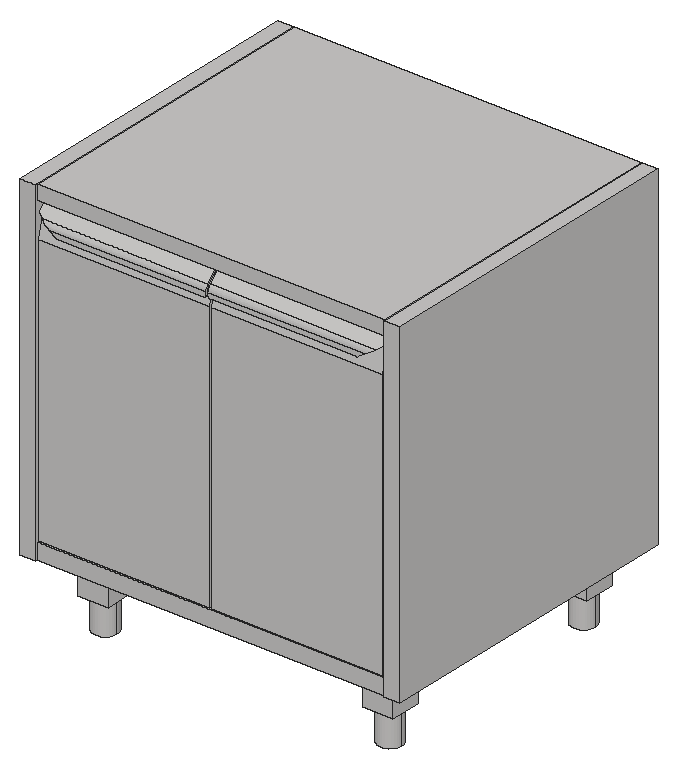
Revit family "QF_ELECTROLUXPROFESSIONAL_121825_TEL2P8", category Attrezzature speciali, Revit 2020
Family settings
  Quota connettore circolare = Usa diametro
  Tipo di parte = Normale
  Basato su piano di lavoro = No
  Sempre verticale = Sì
  Taglio con vuoti quando caricato = No
  Condiviso = No
  Punto di calcolo locali = No
Parameters (values of type "Standard")
  Weight = 25.00 kg
  Watts = 0 W
  Volts = 0 V
  URL Manufacturer = "https://www.electroluxprofessional.com/"
  URL = "https://www.electroluxprofessional.com/"
  Steam Supply Size = 0 mm
  Steam Supply Minimum Pressure = 0.0 Pa
  Steam Supply Maximum Pressure = 0.0 Pa
  Steam Consumption per Hour = 0
  Refrigeration Suction Line Size = 0.0 mm
  Refrigeration Liquid Line Size = 0.0 mm
  Refrigerant Compressor Remote = yes
  Prospetto di default = 0.0 mm
  Phase = 0
  Modello = "TEL2P8"
  Produttore = "Electrolux Professional"
  Length Actual = 800.0 mm  # constant formula
  Item Number = "121825"
  Hot Water Size = 0 mm
  Height Actual = 860.0 mm  # constant formula
  HP = "0 HP"
  Gas Size = 0 mm
  Gas KW = 0
  Gas Input Pressure = 0 W
  Direct Waste Size = 0 mm
  Descrizione = "CUPBOARD BASE FOR SINK TOP 800MM"
  Depth Actual = 680.0 mm  # constant formula
  Cycle = 0 Hz
  Condensate Return Size = 0 mm
  Compressed Air Volume = 0.0 L/s
  Compressed Air Size = 0 mm
  Compressed Air Pressure = 0.0 Pa
  Cold Water Size = 0 mm
  Accessory = yes
Reference planes
  plane 1 "Center (Front/Back)": y = 0
  plane 2: z = 0
  plane 3 "Center (Left/Right)": x = -300
  plane 4 "LEFT": x = -700
  plane 5 "RIGHT": x = 100
  plane 6 "BACK": y = 340
  plane 7 "FRONT": y = -340
  plane 8 "Base": z = 860
  plane 9 "TOP": z = 900
  plane 10: x = -600
  plane 11: x = 0
  plane 12: y = 270
  plane 13: y = -240
  plane 14 "FEET": z = 150
  plane 15: x = -666
  plane 16: x = 66
  plane 17: y = -337
  plane 18: y = 310
  plane 19: y = -700
Forms (mm)
  Extrusion 1, solid, material "QF_Finishes_Stainless Steel"
    sketch origin (0, 0, 150) x (-1, 0, 0) y (0, -1, 0)
      loop
        line (700, -340) -> (700, 340) -> (666, 340) -> (666, -340) -> (700, -340)
      loop
        line (-66, -340) -> (-66, 340) -> (-100, 340) -> (-100, -340) -> (-66, -340)
    from 0 to 710
  Extrusion 2, solid, material "QF_Finishes_Stainless Steel"
    sketch origin (0, 0, 150) x (-1, 0, 0) y (0, -1, 0)
      loop
        line (666, -310) -> (666, 337) -> (-66, 337) -> (-66, -310) -> (666, -310)
    from 0 to 35
  Extrusion 3, solid, material "QF_Finishes_Stainless Steel"
    sketch origin (0, 0, 0) x (1, 0, 0) y (0, 1, 0)
      loop
        line (-666, 310) -> (-666, -297) -> (66, -297) -> (66, 310) -> (-666, 310)
    from 490 to 520
  Extrusion 4, solid, material "QF_Finishes_Stainless Steel"
    sketch origin (0, 0, 0) x (1, 0, 0) y (0, 1, 0)
      loop
        line (-666, -337) -> (66, -337) -> (66, 340) -> (-666, 340) -> (-666, -337)
    from 830 to 860
  Extrusion 5, solid, material "QF_Finishes_Stainless Steel"
    sketch origin (0, 0, 150) x (-1, 0, 0) y (0, -1, 0)
      loop
        line (666, -340) -> (666, -310) -> (-66, -310) -> (-66, -340) -> (666, -340)
    from 680 to 0
Lines and regions (mm)
  symbolic lines, style "SpecialityEquipmentHiddenLines"
    curve 1: line (100, 340, 900) -> (-700, 340, 900)
    curve 2: line (100, -340, 900) -> (100, 340, 900)
    curve 3: line (-700, -344.5, 150) -> (-700, 340, 150)
    curve 4: line (-700, -340, 150) -> (-666, -340, 150)
    curve 5: line (-666, -340, 150) -> (-666, -337, 150)
    curve 6: line (-666, -337, 150) -> (66, -337, 150)
    curve 7: line (66, -337, 150) -> (66, -340, 150)
    curve 8: line (66, -340, 150) -> (100, -340, 150)
Dimensions and locks
  plane 4 "LEFT" to plane 5 "RIGHT" = 800.0 mm
  equal spacing: plane 4 "LEFT", plane 3 "Center (Left/Right)", plane 5 "RIGHT"
  plane 6 "BACK" to plane 7 "FRONT" = 680.0 mm
  equal spacing: plane 6 "BACK", plane 1 "Center (Front/Back)", plane 7 "FRONT"
  locked: plane 14 "FEET" to level at 150
  locked: plane 4 "LEFT" to plane 10 at 100
  locked: plane 11 to plane 5 "RIGHT" at 100
  locked: plane 4 "LEFT" to plane 15 at 34
  locked: plane 16 to plane 5 "RIGHT" at 34
  plane 17 to plane 7 "FRONT" = 3.0 mm
  plane 6 "BACK" to plane 18 = 30.0 mm
  locked: plane 6 "BACK" to plane 12 at 70
  locked: plane 13 to plane 7 "FRONT" at 100
  locked: plane 8 "Base" to level at 860
  locked: plane 9 "TOP" to level at 900
  plane 6 "BACK" to plane 19 = 1040.0 mm
  aligned and locked: level to plane 2
  aligned and locked: plane 10 to nested 1
  aligned and locked: plane 11 to nested 2
  aligned and locked: plane 11 to nested 4
  aligned and locked: nested 4 to plane 12
  aligned and locked: plane 10 to nested 3
  aligned and locked: nested 3 to plane 12
  aligned and locked: plane 8 "Base" to Extrusion 1
  aligned and locked: plane 6 "BACK" to Extrusion 1 sketch curve
  aligned and locked: Extrusion 1 sketch curve to plane 6 "BACK"
  aligned and locked: plane 7 "FRONT" to Extrusion 1 sketch curve
  aligned and locked: Extrusion 1 sketch curve to plane 7 "FRONT"
  aligned and locked: plane 15 to Extrusion 1
  aligned and locked: Extrusion 1 to plane 16
  aligned and locked: Extrusion 2 to plane 15
  aligned and locked: plane 16 to Extrusion 2
  aligned and locked: plane 16 to Extrusion 3
  aligned and locked: Extrusion 3 to plane 15
  aligned and locked: plane 8 "Base" to Extrusion 4
  aligned and locked: Extrusion 2 to plane 17
  aligned and locked: Extrusion 2 to plane 18
  aligned and locked: Extrusion 3 to plane 18
  aligned and locked: Extrusion 4 to plane 17
  aligned and locked: plane 15 to Extrusion 5 sketch curve
  aligned and locked: Extrusion 5 sketch curve to plane 16
  aligned and locked: Extrusion 5 sketch curve to plane 6 "BACK"
  aligned and locked: Extrusion 5 sketch curve to plane 18
  aligned and locked: Extrusion 5 to Extrusion 4
  aligned and locked: Extrusion 5 to plane 14 "FEET"
  aligned and locked: plane 6 "BACK" to Extrusion 4
  aligned and locked: nested 1 to plane 13
  aligned and locked: nested 2 to plane 13
Automatic sketch dimensions
  curve 2 to plane 5 "RIGHT" = 0.0 mm
  curve 2 to plane 7 "FRONT" = 0.0 mm
  curve 1 to plane 4 "LEFT" = 0.0 mm
  curve 1 to plane 6 "BACK" = 0.0 mm
  Extrusion 1 sketch curve to plane 5 "RIGHT" = 0.0 mm
  Extrusion 1 sketch curve to plane 16 = 0.0 mm
  Extrusion 1 sketch curve to plane 15 = 0.0 mm
  Extrusion 1 sketch curve to plane 4 "LEFT" = 0.0 mm
  Extrusion 2 sketch curve to plane 16 = 0.0 mm
  Extrusion 2 sketch curve to plane 15 = 0.0 mm
  plane 18 to Extrusion 2 sketch curve = 0.0 mm
  Extrusion 2 sketch curve to plane 17 = 0.0 mm
  curve 8 to plane 5 "RIGHT" = 0.0 mm
  curve 8 to plane 7 "FRONT" = 0.0 mm
  curve 8 to plane 16 = 0.0 mm
  curve 6 to plane 15 = 0.0 mm
  curve 3 to plane 4 "LEFT" = 0.0 mm
  curve 3 to plane 6 "BACK" = 0.0 mm
  curve 6 to plane 17 = 0.0 mm
  curve 4 to plane 7 "FRONT" = 0.0 mm
  curve 4 to curve 3 = 4.5 mm
  Extrusion 4 sketch curve to plane 15 = 0.0 mm
  Extrusion 4 sketch curve to plane 16 = 0.0 mm
  Extrusion 4 sketch curve to plane 17 = 0.0 mm
  Extrusion 4 sketch curve to plane 18 = 30.0 mm
  Extrusion 3 sketch curve to plane 15 = 0.0 mm
  plane 7 "FRONT" to Extrusion 3 sketch curve = 43.0 mm
  Extrusion 3 sketch curve to plane 16 = 0.0 mm
  plane 18 to Extrusion 3 sketch curve = 0.0 mm
Nested families
  nested 1: "FEET_L65-150" at (-600, -240, 0), type "FEET_L65-150"
  nested 2: "FEET_L65-150" at (0, -240, 0), type "FEET_L65-150"
  nested 3: "FEET_L65-150" at (-600, 270, 0), type "FEET_L65-150"
  nested 4: "FEET_L65-150" at (0, 270, 0), type "FEET_L65-150"
  nested 5: "H637_800_2DOORS" at (-336.042, -297, 149) x (1, 0, 0) z (0, -1, 0), type "H637_800_2DOORS"
    with Width 800.0 mm, Show Clearance yes
Definition of nested family "FEET_L65-150"
  Parameters
    Default Elevation = 0.0 mm
    FEET = 150.0 mm
  Reference planes
    plane 1 "Center (Front/Back)": y = 0
    plane 2: z = 0
    plane 3 "Center (Left/Right)": x = 0
    plane 4: z = 150
  Forms (mm)
    Extrusion 1, solid
      sketch origin (0, 0, 0) x (1, 0, 0) y (0, 1, 0)
        loop
          circle (0, 0) r 25
      from 0 to 67
    Extrusion 2, solid
      sketch origin (0, 0, 0) x (1, 0, 0) y (0, 1, 0)
        loop
          line (32.561, 32.5) -> (-32.439, 32.5) -> (-32.439, -32.5) -> (32.561, -32.5) -> (32.561, 32.5)
      from 67 to 150 <- "FEET"
  Lines and regions (mm)
    symbolic lines
      curve 1: line (0, -1.503, 0) -> (0, 1.508, 0)
      curve 2: line (1.561, 0, 0) -> (-1.439, 0, 0)
  Dimensions and locks
    "FEET": plane 4 to plane 2
    aligned and locked: level to plane 2
  Automatic sketch dimensions
    plane 1 "Center (Front/Back)" to Extrusion 1 sketch curve = 0.0 mm
    Extrusion 1 sketch curve to plane 3 "Center (Left/Right)" = 0.0 mm
    plane 1 "Center (Front/Back)" to curve 2 = 0.0 mm
    curve 1 to plane 3 "Center (Left/Right)" = 0.0 mm
    curve 2 to plane 3 "Center (Left/Right)" = 1.439 mm
    plane 3 "Center (Left/Right)" to curve 2 = 1.561 mm
    plane 1 "Center (Front/Back)" to curve 1 = 1.503 mm
    curve 1 to plane 1 "Center (Front/Back)" = 1.508 mm
    Extrusion 2 sketch curve to plane 1 "Center (Front/Back)" = 32.5 mm
    Extrusion 2 sketch curve to plane 3 "Center (Left/Right)" = 32.439 mm
    plane 3 "Center (Left/Right)" to Extrusion 2 sketch curve = 32.561 mm
    plane 1 "Center (Front/Back)" to Extrusion 2 sketch curve = 32.5 mm
    radius of Extrusion 1 sketch curve = 25.0 mm
Definition of nested family "H637_800_2DOORS"
  Parameters
    Width [instance] = 800.0 mm
    Show Clearance [instance] = yes
    Model = "727995"
    Height = 710.0 mm
    Default Elevation = 0.0 mm
  Reference planes
    plane 1 "Center (Front/Back)": y = 0
    plane 2: z = 0
    plane 3 "Center (Left/Right)": x = 36.042
    plane 4 "panel": z = 25
    plane 5 "Left": x = -363.958
    plane 6 "Right": x = 436.042
    plane 7: y = 710
    plane 8: z = 45
    plane 9: x = 399.042
    plane 10: x = -326.958
    plane 11: y = 672
    plane 12: y = 38
    plane 13: z = 403
    plane 14: x = 33.762
    plane 15: x = 38.322
  Forms (mm)
    Extrusion 1, solid
      sketch origin (0, -919.2, 0) x (1, 0, 0) y (0, 1, 0)
        loop
          line (-980.5, 2119.2) -> (-980.5, -162.846) -> (881.94, -162.846) -> (881.94, 2119.2) -> (-980.5, 2119.2)
      from 0 to -59.546
    Extrusion 2, solid
      sketch origin (36.042, -219.693, 0) x (0, 1, 0) y (0, 0, 1)
        loop
          line (848.63, 49.734) -> (848.63, 47.734) -> (858.98, 47.734)
          arc (858.98, 47.734) -> (865.586, 46.42) -> (871.186, 42.679) r 17.261
          line (871.186, 42.679) -> (888.019, 25.845) -> (891.693, 25) -> (872.6, 44.093)
          arc (872.6, 44.093) -> (866.351, 48.268) -> (858.98, 49.734) r 19.261
          line (858.98, 49.734) -> (848.63, 49.734)
      from 2.28 to 363
    Extrusion 3, void
      sketch origin (0, -219.693, 25) x (1, 0, 0) y (0, 1, 0)
        loop
          line (404.066, 839.859) -> (404.066, 882.225) -> (399.042, 882.225)
          arc (399.042, 882.225) -> (398.688, 880.688) -> (397.873, 879.339) r 5
          line (397.873, 879.339) -> (355.197, 850.51)
          arc (355.197, 850.51) -> (352.266, 849.11) -> (349.054, 848.63) r 10.974
          line (349.054, 848.63) -> (43.082, 848.63)
          arc (43.082, 848.63) -> (39.716, 850.024) -> (38.322, 853.39) r 4.76
          line (38.322, 853.39) -> (38.322, 839.859) -> (404.066, 839.859)
      from 0 to 27.674
    Extrusion 4, solid
      sketch origin (36.042, -190, 0) x (0, 1, 0) y (0, 0, 1)
        loop
          line (228, 40) -> (228, 0) -> (862, 0) -> (862, 25) -> (796.797, 40) -> (228, 40)
      from 363 to 2.28
    Extrusion 5, solid
      sketch origin (36.042, -219.693, 0) x (0, 1, 0) y (0, 0, -1)
        loop
          line (848.63, -49.734) -> (858.98, -49.734)
          arc (858.98, -49.734) -> (866.351, -48.268) -> (872.6, -44.093) r 19.261
          line (872.6, -44.093) -> (891.693, -25) -> (888.019, -25.845) -> (871.186, -42.679)
          arc (871.186, -42.679) -> (865.586, -46.42) -> (858.98, -47.734) r 17.261
          line (858.98, -47.734) -> (848.63, -47.734) -> (848.63, -49.734)
      from 2.28 to 363
    Extrusion 6, void
      sketch origin (72.084, -219.693, 25) x (-1, 0, 0) y (0, -1, 0)
        loop
          line (404.066, -839.859) -> (38.322, -839.859) -> (38.322, -853.39)
          arc (38.322, -853.39) -> (39.716, -850.024) -> (43.082, -848.63) r 4.76
          line (43.082, -848.63) -> (349.054, -848.63)
          arc (349.054, -848.63) -> (352.266, -849.11) -> (355.197, -850.51) r 10.974
          line (355.197, -850.51) -> (397.873, -879.339)
          arc (397.873, -879.339) -> (398.688, -880.688) -> (399.042, -882.225) r 5
          line (399.042, -882.225) -> (404.066, -882.225) -> (404.066, -839.859)
      from 0 to 27.674
    Extrusion 7, solid
      sketch origin (36.042, -190, 0) x (0, 1, 0) y (0, 0, -1)
        loop
          line (228, -40) -> (796.797, -40) -> (862, -25) -> (862, 0) -> (228, 0) -> (228, -40)
      from 363 to 2.28
    Extrusion 8, solid, detail levels coarse
      sketch origin (0, 0, 0) x (1, 0, 0) y (0, 0, 1)
        loop
          arc (33.762, 49.734) -> (-69.613, 304.977) -> (-326.958, 403) r 344.617
          line (-326.958, 403) -> (-326.958, 49.734) -> (33.762, 49.734)
        loop
          line (38.322, 49.734) -> (399.042, 49.734) -> (399.042, 403)
          arc (399.042, 403) -> (141.697, 304.977) -> (38.322, 49.734) r 344.617
      from -672 to -38
  Cuts and joins
    Extrusion 3, Extrusion 6 cuts Extrusion 2
    Extrusion 6 cuts Extrusion 4
    Extrusion 6 cuts Extrusion 5
  Lines and regions (mm)
    symbolic lines
      curve 1: line (399.042, 0, 40) -> (399.042, 0, 403)
      curve 2: line (367.735, 0, 49.734) -> (38.322, 0, 49.734)
      curve 3: spline (387.459, 0, 44.389) -> (385.921, 0, 45.265) -> (384.356, 0, 46.066) -> (382.765, 0, 46.791) -> (381.151, 0, 47.437) -> (379.517, 0, 48.005) -> (377.865, 0, 48.493) -> (376.198, 0, 48.9) -> (374.519, 0, 49.226) -> (372.831, 0, 49.471) -> (371.136, 0, 49.633) -> (369.436, 0, 49.712) -> (367.736, 0, 49.71)
      curve 4: line (393.956, 0, 40) -> (387.459, 0, 44.389)
      curve 5: arc (38.322, 0, 49.734) -> (141.697, 0, 304.977) -> (399.042, 0, 403) r 344.617
      curve 6: arc (33.762, 0, 49.734) -> (-69.613, 0, 304.977) -> (-326.958, 0, 403) r 344.617
      curve 7: line (-326.958, 0, 403) -> (-326.958, 0, 40)
      curve 8: spline (-315.375, 0, 44.389) -> (-313.837, 0, 45.265) -> (-312.272, 0, 46.066) -> (-310.681, 0, 46.791) -> (-309.067, 0, 47.437) -> (-307.433, 0, 48.005) -> (-305.781, 0, 48.493) -> (-304.114, 0, 48.9) -> (-302.435, 0, 49.226) -> (-300.747, 0, 49.471) -> (-299.052, 0, 49.633) -> (-297.352, 0, 49.712) -> (-295.652, 0, 49.71)
      curve 9: line (-321.872, 0, 40) -> (-315.375, 0, 44.389)
      curve 10: line (33.762, 0, 49.734) -> (33.762, 0, 40)
      curve 11: line (38.322, 0, 40) -> (38.322, 0, 49.734)
      curve 12: line (33.762, 0, 49.734) -> (-296.238, 0, 49.734)
  Dimensions and locks
    plane 4 "panel" to level = 25.0 mm
    "Width": plane 5 "Left" to plane 6 "Right"
    equal spacing: plane 5 "Left", plane 3 "Center (Left/Right)", plane 6 "Right"
    "Height": plane 1 "Center (Front/Back)" to plane 7
    plane 9 to plane 6 "Right" = 37.0 mm
    plane 5 "Left" to plane 10 = 37.0 mm
    plane 7 to plane 11 = 38.0 mm
    plane 1 "Center (Front/Back)" to plane 12 = 38.0 mm
    plane 10 to plane 9 = 726.0 mm
    aligned and locked: plane 2 to Extrusion 1
    aligned and locked: level to Extrusion 1
    aligned and locked: plane 9 to Extrusion 2
    aligned and locked: plane 9 to Extrusion 4
  Automatic sketch dimensions
    Extrusion 1 sketch curve to Extrusion 1 sketch curve = 1862.44 mm
    Extrusion 1 sketch curve to Extrusion 1 sketch curve = 2282.046 mm
    Extrusion 2 sketch curve to Extrusion 2 sketch curve = 0.0 mm  (x2)
    Extrusion 2 sketch curve to plane 4 "panel" = 0.0 mm
    Extrusion 2 sketch curve to plane 11 = 0.0 mm
    plane 4 "panel" to Extrusion 2 sketch curve = 0.845 mm
    Extrusion 2 sketch curve to plane 11 = 3.674 mm
    Extrusion 2 sketch curve to plane 8 = 0.907 mm
    Extrusion 2 sketch curve to plane 11 = 19.093 mm
    Extrusion 2 sketch curve to plane 8 = 2.321 mm
    Extrusion 2 sketch curve to Extrusion 2 sketch curve = 1.414 mm
    plane 4 "panel" to Extrusion 2 sketch curve = 5.474 mm
    Extrusion 2 sketch curve to Extrusion 2 sketch curve = 12.205 mm
    Extrusion 2 sketch curve to Extrusion 2 sketch curve = 10.351 mm
    Extrusion 4 sketch curve to plane 12 = 0.0 mm
    Extrusion 4 sketch curve to plane 4 "panel" = 0.0 mm
    Extrusion 4 sketch curve to plane 11 = 0.0 mm
    Extrusion 4 sketch curve to level = 0.0 mm
    Extrusion 4 sketch curve to plane 8 = 5.0 mm
    Extrusion 4 sketch curve to plane 11 = 65.203 mm
    Extrusion 5 sketch curve to Extrusion 5 sketch curve = 0.0 mm  (x2)
    Extrusion 5 sketch curve to plane 4 "panel" = 0.0 mm
    Extrusion 5 sketch curve to plane 11 = 0.0 mm
    plane 4 "panel" to Extrusion 5 sketch curve = 0.845 mm
    Extrusion 5 sketch curve to plane 11 = 3.674 mm
    Extrusion 5 sketch curve to plane 8 = 0.907 mm
    Extrusion 5 sketch curve to plane 11 = 19.093 mm
    Extrusion 5 sketch curve to plane 8 = 2.321 mm
    Extrusion 5 sketch curve to Extrusion 5 sketch curve = 1.414 mm
    plane 4 "panel" to Extrusion 5 sketch curve = 5.474 mm
    Extrusion 5 sketch curve to Extrusion 5 sketch curve = 12.205 mm
    Extrusion 5 sketch curve to Extrusion 5 sketch curve = 10.351 mm
    Extrusion 6 sketch curve to plane 14 = 0.0 mm
    Extrusion 6 sketch curve to plane 10 = 0.0 mm
    Extrusion 6 sketch curve to plane 14 = 4.76 mm
    plane 10 to Extrusion 6 sketch curve = 49.988 mm
    Extrusion 6 sketch curve to Extrusion 6 sketch curve = 6.143 mm
    plane 10 to Extrusion 6 sketch curve = 4.988 mm
    plane 10 to Extrusion 6 sketch curve = 1.169 mm
    Extrusion 6 sketch curve to plane 10 = 5.024 mm
    plane 11 to Extrusion 6 sketch curve = 51.834 mm
    Extrusion 6 sketch curve to Extrusion 6 sketch curve = 8.771 mm
    Extrusion 6 sketch curve to Extrusion 6 sketch curve = 1.88 mm
    plane 11 to Extrusion 6 sketch curve = 12.354 mm
    Extrusion 6 sketch curve to Extrusion 6 sketch curve = 2.886 mm
    Extrusion 7 sketch curve to plane 12 = 0.0 mm
    Extrusion 7 sketch curve to plane 4 "panel" = 0.0 mm
    Extrusion 7 sketch curve to plane 11 = 0.0 mm
    Extrusion 7 sketch curve to level = 0.0 mm
    Extrusion 7 sketch curve to plane 8 = 5.0 mm
    Extrusion 7 sketch curve to plane 11 = 65.203 mm
    Extrusion 3 sketch curve to plane 15 = 0.0 mm
    Extrusion 3 sketch curve to plane 9 = 0.0 mm
    Extrusion 3 sketch curve to Extrusion 3 sketch curve = 4.76 mm
    Extrusion 3 sketch curve to plane 9 = 49.988 mm
    Extrusion 3 sketch curve to Extrusion 3 sketch curve = 6.143 mm
    Extrusion 3 sketch curve to plane 9 = 4.988 mm
    Extrusion 3 sketch curve to plane 9 = 1.169 mm
    plane 9 to Extrusion 3 sketch curve = 5.024 mm
    Extrusion 3 sketch curve to plane 11 = 51.834 mm
    Extrusion 3 sketch curve to Extrusion 3 sketch curve = 8.771 mm
    Extrusion 3 sketch curve to Extrusion 3 sketch curve = 1.88 mm
    Extrusion 3 sketch curve to plane 11 = 12.354 mm
    Extrusion 3 sketch curve to Extrusion 3 sketch curve = 2.886 mm
    plane 10 to Extrusion 8 sketch curve = 0.0 mm
    plane 14 to Extrusion 8 sketch curve = 0.0 mm
    Extrusion 8 sketch curve to plane 15 = 0.0 mm
    Extrusion 8 sketch curve to plane 9 = 0.0 mm
    Extrusion 8 sketch curve to plane 13 = 0.0 mm  (x2)
    plane 8 to Extrusion 8 sketch curve = 13.765 mm  (x2)
    Extrusion 8 sketch curve to Extrusion 8 sketch curve = 16.222 mm  (x2)
    plane 10 to curve 7 = 0.0 mm
    plane 14 to curve 10 = 0.0 mm
    curve 11 to plane 15 = 0.0 mm
    curve 5 to plane 9 = 0.0 mm
    curve 5 to plane 13 = 0.0 mm
    curve 6 to plane 13 = 0.0 mm
    curve 9 to plane 8 = 0.611 mm
    curve 9 to plane 10 = 11.583 mm
    plane 8 to curve 6 = 13.765 mm
    curve 9 to curve 6 = 4.639 mm
    plane 8 to curve 5 = 13.765 mm
    curve 5 to curve 1 = 16.222 mm
    curve 4 to plane 8 = 0.611 mm
    curve 4 to plane 9 = 11.583 mm
    curve 7 to curve 9 = 5.086 mm
    curve 8 to level = 1.281 mm
    curve 8 to plane 10 = 30.398 mm
    curve 8 to curve 12 = 0.322 mm
    curve 12 to curve 8 = 0.586 mm
    curve 2 to curve 5 = 15.085 mm
    curve 2 to curve 3 = 0.0 mm
    curve 3 to level = 1.281 mm
    curve 3 to plane 9 = 30.398 mm
    curve 4 to plane 9 = 5.086 mm
    curve 4 to plane 8 = 5.0 mm
    curve 11 to plane 8 = 5.0 mm
    curve 10 to curve 11 = 0.0 mm
    curve 1 to plane 8 = 5.0 mm
    curve 9 to plane 8 = 5.0 mm
    curve 7 to plane 8 = 5.0 mm
    curve 8 to curve 12 = 0.025 mm
    curve 3 to curve 2 = 0.025 mm
